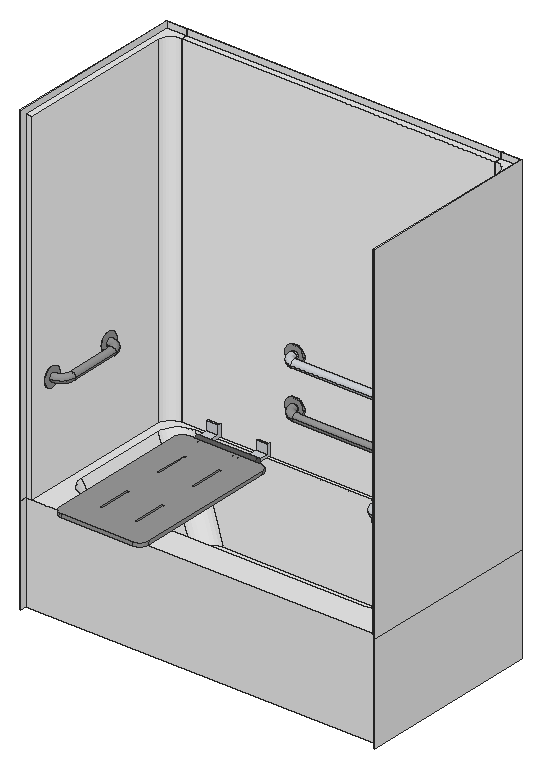
Revit family "4ETSF6030A165", category Plumbing Fixtures, Revit 2016
Family settings
  Part Type = Normal
  Round Connector Dimension = Use Diameter
  OmniClass Number = 23.45.05.14.17
  OmniClass Title = Showers
  Work Plane-Based = No
  Always vertical = Yes
  Cut with Voids When Loaded = No
  Shared = No
  Room Calculation Point = No
Parameters (values of type "4ETSF6030A165")
  Unit Width = 60"
  Unit Height = 75 1/2"
  Unit Depth = 31"
  URL = "http://www.best-bath.com"
  Type Comments = "ADA Compliant"
  Model = "4ETSF6030A165"
  Material [instance] = Best Bath Gelcoat Fiberglass - 8in Tile
  Manufacturer = "Best Bath Systems, Inc."
  Keynote = "22 40 00.D3"
  Description = "8\" Tile"
  Assembly Code = "D2010700"
Reference planes (in)
  plane 1 "Back": y = 0
  plane 2: z = 1.5
  plane 3 "Left": x = 0
  plane 4: x = 60
  plane 5: y = -30
  plane 6: z = 76
  plane 7: z = 77
  plane 8: z = 18
  plane 9: y = -14.5
  plane 10: y = -1.25
  plane 11: x = 10
  plane 12: x = 55.75
  plane 13: y = -4.375
  plane 14: y = -22.5
  plane 15: y = -1.875
  plane 16: y = -25
  plane 17: x = 2.75
  plane 18: x = 57
  plane 19: x = 1.25
  plane 20: x = 58.75
  plane 21: y = -29
  plane 22: x = 52
  plane 23: y = -31
  plane 24: z = 35
  plane 25: z = 27
  plane 26: z = 40
Forms (in)
  Extrusion 1, solid, material "Best Bath Gelcoat Fiberglass - Smooth"
    sketch origin (0, 0, 1.5) x (1, 0, 0) y (0, 1, 0)
      loop
        line (60, -30) -> (60, 0) -> (56.5, 0) -> (56.5, -1.25)
        arc (56.5, -1.25) -> (58.09099, -1.90901) -> (58.75, -3.5) r 2.25
        line (58.75, -3.5) -> (58.75, -30) -> (60, -30)
      loop
        line (0, 0) -> (0, -30) -> (1.25, -30) -> (1.25, -3.5)
        arc (1.25, -3.5) -> (1.90901, -1.90901) -> (3.5, -1.25) r 2.25
        line (3.5, -1.25) -> (3.5, 0) -> (0, 0)
    from 16.5 to 74.5
  Extrusion 2, solid, material "Best Bath Gelcoat Fiberglass - Smooth"
    sketch origin (0, 0, 1.5) x (1, 0, 0) y (0, 1, 0)
      loop
        line (0, -30) -> (60, -30) -> (60, 0) -> (0, 0) -> (0, -30)
      loop
        circle (52, -14.5) r 1.5
    from 0 to 16.5
  Blend 3, void
    base sketch origin (0, 0, 1.5) x (1, 0, 0) y (0, 1, 0)
      loop
        arc (13, -4.375) -> (10.87868, -5.25368) -> (10, -7.375) r 3
        line (10, -7.375) -> (10, -19.5)
        arc (10, -19.5) -> (10.87868, -21.62132) -> (13, -22.5) r 3
        line (13, -22.5) -> (52.75, -22.5)
        arc (52.75, -22.5) -> (54.87132, -21.62132) -> (55.75, -19.5) r 3
        line (55.75, -19.5) -> (55.75, -7.375)
        arc (55.75, -7.375) -> (54.87132, -5.25368) -> (52.75, -4.375) r 3
        line (52.75, -4.375) -> (13, -4.375)
    top sketch origin (0, 0, 1.5) x (1, 0, 0) y (0, 1, 0)
      loop
        arc (6.25, -1.875) -> (3.77513, -2.90013) -> (2.75, -5.375) r 3.5
        line (2.75, -5.375) -> (2.75, -21.5)
        arc (2.75, -21.5) -> (3.77513, -23.97487) -> (6.25, -25) r 3.5
        line (6.25, -25) -> (53.5, -25)
        arc (53.5, -25) -> (55.97487, -23.97487) -> (57, -21.5) r 3.5
        line (57, -21.5) -> (57, -5.375)
        arc (57, -5.375) -> (55.97487, -2.90013) -> (53.5, -1.875) r 3.5
        line (53.5, -1.875) -> (6.25, -1.875)
    from 2.23617 to 16.5
  Extrusion 4, solid, material "Best Bath Gelcoat Fiberglass - Smooth"
    sketch origin (0, 0, 1.5) x (1, 0, 0) y (0, 1, 0)
      loop
        line (0, -31) -> (0.125, -31) -> (0.125, -0.125) -> (3.5, -0.125) -> (3.5, 0) -> (0, 0) -> (0, -31)
      loop
        line (60, -31) -> (60, 0) -> (56.50223, 0) -> (56.50223, -0.125) -> (59.875, -0.125) -> (59.875, -31) -> (60, -31)
    from 0 to 16.5
  Extrusion 5, solid, material "Best Bath Gelcoat Fiberglass - Smooth"
    sketch origin (0, 0, 1.5) x (1, 0, 0) y (0, 1, 0)
      loop
        line (3.5, -1.25) -> (56.50223, -1.25) -> (56.50223, 0) -> (3.5, 0) -> (3.5, -1.25)
    from 16.5 to 74.5
  Extrusion 6, solid, material "Best Bath Gelcoat Fiberglass - Smooth"
    sketch origin (0, 0, 1.5) x (1, 0, 0) y (0, 1, 0)
      loop
        line (3.5, -0.125) -> (56.50223, -0.125) -> (56.50223, 0) -> (3.5, 0) -> (3.5, -0.125)
    from 74.5 to 75.5
  Extrusion 7, solid, material "Best Bath Gelcoat Fiberglass - Smooth"
    sketch origin (0, 0, 1.5) x (1, 0, 0) y (0, 1, 0)
      loop
        line (0, -31) -> (0.125, -31) -> (0.125, -0.125) -> (3.5, -0.125) -> (3.5, 0) -> (0, 0) -> (0, -31)
      loop
        line (60.00223, -31) -> (60.00223, 0) -> (56.50223, 0) -> (56.50223, -0.125) -> (59.87723, -0.125) -> (59.87723, -31) -> (60.00223, -31)
    from 16.5 to 75.5
Cuts and joins
  Blend 3 cuts Extrusion 2
  joined: Extrusion 2, Extrusion 4
  joined: Extrusion 5, Extrusion 6
  joined: Extrusion 1, Extrusion 7
Lines and regions (in)
  Split face 1
    outline origin (0, -30, 18) x (0, 0, -1) y (1, 0, 0)
      loop
        line (12.46365, 1.5) -> (12.5, 1.5) -> (12.5, 58.5) -> (12.46365, 58.5) -> (12.46365, 1.5)
Dimensions and locks (in)
  "Unit Width": plane 3 "Left" to plane 4
  locked: plane 7 to plane 6 at 1
  "Unit Height": plane 7 to level
  plane 9 to plane 1 "Back" = 14 1/2"
  locked: plane 12 to plane 4 at 4.25
  locked: plane 14 to plane 5 at 7.5
  plane 3 "Left" to plane 11 = 10"
  locked: plane 18 to plane 4 at 3
  locked: plane 3 "Left" to plane 17 at 2.75
  locked: plane 8 to level at 16.5
  locked: plane 10 to plane 1 "Back" at 1.25
  locked: plane 3 "Left" to plane 19 at 1.25
  locked: plane 20 to plane 4 at 1.25
  locked: plane 21 to plane 5 at 1
  locked: plane 22 to plane 4 at 8
  locked: plane 5 to plane 23 at 1
  "Unit Depth": plane 23 to plane 1 "Back"
  plane 15 to plane 1 "Back" = 1 7/8"
  plane 16 to plane 5 = 5"
  locked: plane 13 to plane 1 "Back" at 4.375
  locked: plane 24 to plane 8 at 17
  locked: plane 25 to plane 8 at 9
  locked: plane 26 to plane 8 at 22
  radius of Blend 3 sketch curve = 3"  (x4)
  radius of Blend 3 sketch curve = 3 1/2"  (x4)
  aligned and locked: level to plane 2
  aligned and locked: plane 6 to Extrusion 1
  aligned and locked: Extrusion 1 sketch curve to plane 4
  aligned and locked: plane 5 to Extrusion 1 sketch curve
  aligned and locked: Extrusion 2 sketch curve to Extrusion 1  (x3)
  aligned and locked: Extrusion 2 sketch curve to plane 1 "Back"
  aligned and locked: plane 9 to Extrusion 2 sketch curve
  aligned and locked: plane 14 to Blend 3 sketch curve
  aligned and locked: Blend 3 sketch curve to plane 13
  aligned and locked: Blend 3 sketch curve to plane 12
  aligned and locked: plane 11 to Blend 3 sketch curve
  aligned and locked: plane 17 to Blend 3 sketch curve
  aligned and locked: Blend 3 sketch curve to plane 18
  aligned and locked: plane 16 to Blend 3 sketch curve
  aligned and locked: Blend 3 sketch curve to plane 15
  aligned and locked: plane 8 to cut or joined group of Extrusion 2, Blend 3, Extrusion 4
  aligned and locked: Extrusion 1 sketch curve to plane 19
  aligned and locked: plane 8 to Blend 3
  aligned and locked: plane 22 to Extrusion 2 sketch curve
  aligned and locked: Extrusion 5 to plane 8
  aligned and locked: plane 6 to Extrusion 5
  aligned and locked: Extrusion 6 to plane 6
  aligned and locked: plane 7 to Extrusion 6
  aligned and locked: plane 8 to Extrusion 4
  aligned and locked: Extrusion 1 to plane 8
  aligned and locked: Extrusion 7 to Extrusion 1
  aligned and locked: plane 7 to Extrusion 7
Automatic sketch dimensions
  Split face 1 sketch curve to Split face 1 sketch curve = 0.03635"
  Split face 1 sketch curve to cut or joined group of Extrusion 2, Blend 3, Extrusion 4 = 4.03635"
  plane 1 "Back" to Extrusion 1 sketch curve = 0"  (x2)
  Extrusion 1 sketch curve to plane 3 "Left" = 0"
  Extrusion 1 sketch curve to plane 10 = 0"  (x2)
  Extrusion 1 sketch curve to plane 20 = 0"
  Extrusion 1 sketch curve to plane 5 = 0"
  Extrusion 1 sketch curve to Extrusion 1 sketch curve = 2 1/4"
  plane 1 "Back" to Extrusion 5 sketch curve = 0"
  Extrusion 5 sketch curve to plane 10 = 0"
  plane 3 "Left" to Extrusion 5 sketch curve = 3 1/2"
  Extrusion 4 sketch curve to plane 3 "Left" = 0"
  Extrusion 4 sketch curve to plane 23 = 0"  (x2)
  plane 1 "Back" to Extrusion 4 sketch curve = 0"  (x2)
  Extrusion 4 sketch curve to plane 4 = 0"
  plane 3 "Left" to Extrusion 4 sketch curve = 1/8"
  plane 1 "Back" to Extrusion 4 sketch curve = 1/8"
  Extrusion 4 sketch curve to Extrusion 4 sketch curve = 3 3/8"
  plane 4 to Extrusion 4 sketch curve = 1/8"
  Extrusion 4 sketch curve to Extrusion 4 sketch curve = 1/8"
  plane 1 "Back" to Extrusion 6 sketch curve = 0"
  plane 3 "Left" to Extrusion 6 sketch curve = 3 1/2"
  plane 1 "Back" to Extrusion 6 sketch curve = 1/8"
  cut or joined group of Extrusion 2, Blend 3, Extrusion 4 to Split face 1 sketch curve = 1 3/8"  (x2)
  Extrusion 7 sketch curve to plane 3 "Left" = 0"
  Extrusion 7 sketch curve to plane 23 = 0"  (x2)
  plane 1 "Back" to Extrusion 7 sketch curve = 0"  (x2)
  plane 3 "Left" to Extrusion 7 sketch curve = 1/8"
  plane 1 "Back" to Extrusion 7 sketch curve = 1/8"  (x2)
  Extrusion 7 sketch curve to Extrusion 7 sketch curve = 3 3/8"  (x2)
  plane 4 to Extrusion 7 sketch curve = 0.12277"
  Extrusion 7 sketch curve to plane 4 = 0.00223"
  Extrusion 1 sketch curve to plane 10 = 2 1/4"
  Extrusion 4 sketch curve to Extrusion 4 sketch curve = 3.37277"
  plane 4 to Extrusion 5 sketch curve = 3.49777"
  plane 4 to Extrusion 6 sketch curve = 3.49777"
  radius of Extrusion 2 sketch curve = 1 1/2"
Nested families (in)
  nested 1: "ADA Shower Seat" at (23, -17.75, -0.125) x (0, -1, 0) z (0, 0, 1), type "SE3015PHSO"
  nested 2: "Grab Bar - horiz" at (1.25, -26, 0.375) x (0, 1, 0) z (0, 0, 1), type "12" x 1.25""
  nested 3: "Grab Bar - horiz" at (22.75, -1.25, -7.625), type "24" x 1.25""
    with Grab Bar Size 24"
  nested 4: "Grab Bar - L shape" at (58.75, -1.25, -1.97512) x (-1, 0, 0) z (0, 0, 1), type "27" x 36" x 1.25""
  nested 5: "Grab Bar - vertical" at (58.75, -26, 0.375) x (0, -1, 0) z (0, 0, 1), type "18" x 1.25""
Definition of nested family "ADA Shower Seat"
  Parameters
    URL = "http://seachrome.com/"
    Seat Width = 27"
    Seat Height = 18"
    Seat Depth = 15"
    Model = "SE3015PHSO"
    Manufacturer = "Seachrome"
    Keynote = "22 40 00.B7"
    Description = "32\" x 16\" fold down seat with swing-down legs, phenolic"
    Assembly Code = "C1030200"
  Reference planes (in)
    plane 1 "Center (Front/Back)": y = 0
    plane 2: z = 0
    plane 3 "Center (Left/Right)": x = 0
    plane 4: x = 13.5
    plane 5: x = -13.5
    plane 6: y = -2.25
    plane 7: y = -17.25
    plane 8: z = 18.125
    plane 9: z = 18.625
    plane 10: y = -9.75
    plane 11: x = 12.5
    plane 12: x = -12.5
    plane 13: z = 3.125
    plane 14: x = -8.75
    plane 15: x = 8.75
    plane 16: z = 14.875
    plane 17: y = -14.875
    plane 18: y = -4.625
    plane 19: z = 0.625
    plane 20: x = -3.25
    plane 21: x = 3.25
  Forms (in)
    Extrusion 1, solid
      sketch origin (0, 0, 0) x (1, 0, 0) y (0, 1, 0)
        loop
          line (12, -2.25) -> (-12, -2.25)
          arc (-12, -2.25) -> (-13.06066, -2.68934) -> (-13.5, -3.75) r 1.5
          line (-13.5, -3.75) -> (-13.5, -15.75)
          arc (-13.5, -15.75) -> (-13.06066, -16.81066) -> (-12, -17.25) r 1.5
          line (-12, -17.25) -> (12, -17.25)
          arc (12, -17.25) -> (13.06066, -16.81066) -> (13.5, -15.75) r 1.5
          line (13.5, -15.75) -> (13.5, -3.75)
          arc (13.5, -3.75) -> (13.06066, -2.68934) -> (12, -2.25) r 1.5
        loop
          line (3.25, -12.5968) -> (3.25, -12.92762) -> (8.75, -12.92762) -> (8.75, -12.5968) -> (3.25, -12.5968)
        loop
          line (-3.25, -12.5968) -> (-8.75, -12.5968) -> (-8.75, -12.92762) -> (-3.25, -12.92762) -> (-3.25, -12.5968)
        loop
          line (3.25, -6.93984) -> (8.75, -6.93984) -> (8.75, -6.60902) -> (3.25, -6.60902) -> (3.25, -6.93984)
        loop
          line (-3.25, -6.93984) -> (-3.25, -6.60902) -> (-8.75, -6.60902) -> (-8.75, -6.93984) -> (-3.25, -6.93984)
      from 18.125 to 18.625
    Extrusion 2, solid
      sketch origin (0, 0, 0) x (1, 0, 0) y (0, 0, 1)
        loop
          circle (-14.05099, 18.375) r 0.5
      from 4.625 to 14.875
    Extrusion 3, solid
      sketch origin (0, 0, 0) x (1, 0, 0) y (0, 0, 1)
        loop
          line (-14.55262, 18.125) -> (-14.55262, 18.625) -> (-16.05262, 18.625) -> (-16.05262, 20.125) -> (-16.55262, 20.125) -> (-16.55262, 18.125) -> (-14.55262, 18.125)
      from 4.625 to 14.875
    Extrusion 4, void
      sketch origin (0, 0, 0) x (1, 0, 0) y (0, 0, 1)
        loop
          line (-18.81546, 20.96567) -> (-18.81546, 16.96567) -> (-14.55262, 16.96567) -> (-14.55262, 20.96567) -> (-18.81546, 20.96567)
      from 6.48402 to 12.92762
  Cuts and joins
    Extrusion 4 cuts Extrusion 3
  Dimensions and locks (in)
    equal spacing: plane 5, plane 3 "Center (Left/Right)", plane 4
    "Seat Width": plane 5 to plane 4
    "Seat Depth": plane 7 to plane 6
    plane 6 to plane 1 "Center (Front/Back)" = 2 1/4"
    locked: plane 9 to plane 8 at 0.5
    equal spacing: plane 7, plane 10, plane 6
    equal spacing: plane 11, plane 3 "Center (Left/Right)", plane 12
    equal spacing: plane 14, plane 3 "Center (Left/Right)", plane 15
    locked: plane 19 to level at 0.625
    "Seat Height": plane 9 to plane 19
    plane 18 to plane 17 = 10 1/4"
    equal spacing: plane 18, plane 10, plane 17
    plane 14 to plane 20 = 5 1/2"
    plane 21 to plane 15 = 5 1/2"
    aligned and locked: plane 2 to level
    aligned and locked: Extrusion 1 sketch curve to plane 6
    aligned and locked: plane 4 to Extrusion 1 sketch curve
    aligned and locked: plane 9 to Extrusion 1
    aligned and locked: Extrusion 1 to plane 8
    aligned and locked: Extrusion 2 to plane 17
    aligned and locked: plane 18 to Extrusion 2
    aligned and locked: Extrusion 1 sketch curve to plane 14
    aligned and locked: plane 14 to Extrusion 1 sketch curve
    aligned and locked: Extrusion 1 sketch curve to plane 15
    aligned and locked: Extrusion 1 sketch curve to plane 20
    aligned and locked: plane 20 to Extrusion 1 sketch curve
    aligned and locked: Extrusion 1 sketch curve to plane 21
    aligned and locked: plane 21 to Extrusion 1 sketch curve
    aligned and locked: Extrusion 3 to Extrusion 2
    aligned and locked: Extrusion 2 to Extrusion 3
  Automatic sketch dimensions
    plane 8 to Extrusion 2 sketch curve = 1/4"
    Extrusion 2 sketch curve to plane 5 = 0.55099"
    Extrusion 3 sketch curve to plane 8 = 0"
    Extrusion 3 sketch curve to plane 9 = 0"
    Extrusion 3 sketch curve to plane 5 = 2.55262"
    Extrusion 3 sketch curve to plane 5 = 1.05262"
    Extrusion 3 sketch curve to Extrusion 3 sketch curve = 1 1/2"
    Extrusion 3 sketch curve to Extrusion 3 sketch curve = 1/2"
    Extrusion 4 sketch curve to plane 8 = 1.15933"
    Extrusion 4 sketch curve to plane 5 = 5.31546"
    Extrusion 4 sketch curve to plane 5 = 1.05262"
    plane 9 to Extrusion 4 sketch curve = 2.34067"
    Extrusion 1 sketch curve to plane 5 = 0"
    plane 7 to Extrusion 1 sketch curve = 0"
    Extrusion 1 sketch curve to plane 15 = 0"
    plane 12 to Extrusion 1 sketch curve = 1/2"  (x2)
    Extrusion 1 sketch curve to plane 11 = 1/2"  (x2)
    Extrusion 1 sketch curve to Extrusion 1 sketch curve = 0.33082"  (x4)
    Extrusion 1 sketch curve to plane 18 = 2.31484"  (x2)
    plane 17 to Extrusion 1 sketch curve = 1.94738"  (x2)
    radius of Extrusion 2 sketch curve = 1/2"
Definition of nested family "Grab Bar - horiz"
  Parameters
    Grab Bar Size = 12"
    URL = "http://seachrome.com/"
    Threshold Height = 5/8"
    Mounting Height = 34"
    Model = "GB12QSS"
    Manufacturer = "Seachrome Corp."
    Keynote = "10 28 00.C1"
    Description = "18\" x 1.25\" grab bar"
    Assembly Code = "C1030200"
  Reference planes (in)
    plane 1 "Center (Front/Back)": y = 0
    plane 2: z = 0
    plane 3 "Center (Left/Right)": x = 0
    plane 4: z = 34.625
    plane 5: z = 0.625
    plane 6: x = 12
  Forms (in)
    Extrusion 1, solid
      sketch origin (0, 0, 0) x (1, 0, 0) y (0, 0, 1)
        loop
          circle (0, 34.625) r 1.5625
        loop
          circle (12, 34.625) r 1.5625
      from 0 to 0.25
    Sweep 2, solid
      path origin (0, 0, 0) x (1, 0, 0) y (0, 1, 0)
        loop
          line (0, -0.25) -> (0, -0.375)
          arc (0, -0.375) -> (0.51256, -1.61244) -> (1.75, -2.125) r 1.75
          line (1.75, -2.125) -> (10.25, -2.125)
          arc (10.25, -2.125) -> (11.48744, -1.61244) -> (12, -0.375) r 1.75
          line (12, -0.375) -> (12, -0.25)
      profile origin (6, -2.125, 0) x (0, 1, 0) y (0, 0, 1)
        loop
          circle (0, 34.625) r 0.625
  Dimensions and locks (in)
    "Threshold Height": plane 5 to level
    "Mounting Height": plane 4 to plane 5
    "Grab Bar Size": plane 6 to plane 3 "Center (Left/Right)"
    Sweep 2 sketch curve to plane 1 "Center (Front/Back)" = 2 1/8"
    aligned and locked: level to plane 2
  Automatic sketch dimensions
    Extrusion 1 sketch curve to plane 3 "Center (Left/Right)" = 0"
    Extrusion 1 sketch curve to plane 4 = 0"  (x2)
    Extrusion 1 sketch curve to plane 6 = 0"
    Sweep 2 sketch curve to plane 3 "Center (Left/Right)" = 0"
    plane 1 "Center (Front/Back)" to Sweep 2 sketch curve = 3/8"
    Sweep 2 sketch curve to plane 6 = 0"
    Sweep 2 sketch curve to plane 6 = 1 3/4"
    Sweep 2 sketch curve to Sweep 2 sketch curve = 1/8"  (x2)
    Sweep 2 sketch curve to profile plane = 0"
    level to Sweep 2 sketch curve = 34 5/8"
    radius of Extrusion 1 sketch curve = 1 9/16"  (x2)
    radius of Sweep 2 sketch curve = 5/8"
Definition of nested family "Grab Bar - L shape"
  Parameters
    Single Anchor Bar Length = 27"
    Mounting Height = 39"
    URL = "http://seachrome.com/"
    Threshold Height = 2.02488"
    Model = "GB2736QSSW"
    Manufacturer = "Seachrome Corp."
    Keynote = "10 28 00.C1"
    Double Anchor Bar Length = 36"
    Description = "18\" x 33\" x 1.25\" L Grab Bar"
    Assembly Code = "C1030200"
  Reference planes (in)
    plane 1 "Center (Front/Back)": y = 0
    plane 2: z = 0
    plane 3 "Center (Left/Right)": x = 0
    plane 4: z = 36.97512
    plane 5: z = -2.02488
    plane 6: y = -2.125
    plane 7: x = 2.125
    plane 8: x = 6
    plane 9: x = 36
    plane 10: y = -27
  Forms (in)
    Extrusion 1, solid
      sketch origin (0, 0, 0) x (1, 0, 0) y (0, 0, 1)
        loop
          circle (6, 36.97512) r 1.5625
        loop
          circle (36, 36.97512) r 1.5625
      from 0 to 0.25
    Extrusion 2, solid
      sketch origin (0, 0, 0) x (0, 1, 0) y (0, 0, 1)
        loop
          circle (-27, 36.97512) r 1.5
      from 0 to 0.25
    Sweep 3, solid
      path origin (0, 0, 0) x (1, 0, 0) y (0, 1, 0)
        loop
          line (0.25, -27) -> (0.625, -27)
          arc (0.625, -27) -> (1.68566, -26.56066) -> (2.125, -25.5) r 1.5
          line (2.125, -25.5) -> (2.125, -3.625)
          arc (2.125, -3.625) -> (2.56434, -2.56434) -> (3.625, -2.125) r 1.5
          line (3.625, -2.125) -> (34.5, -2.125)
          arc (34.5, -2.125) -> (35.56066, -1.68566) -> (36, -0.625) r 1.5
          line (36, -0.625) -> (36, -0.25)
      profile origin (0.4375, -27, 0) x (0, 1, 0) y (0, 0, 1)
        loop
          circle (0, 36.98831) r 0.625
    Sweep 4, solid
      path origin (0, 0, 0) x (1, 0, 0) y (0, 1, 0)
        loop
          line (6, -0.25) -> (6, -2.125)
      profile origin (6, -1.1875, 0) x (1, 0, 0) y (0, 0, 1)
        loop
          circle (0, 36.98831) r 0.62
  Dimensions and locks (in)
    "Threshold Height": level to plane 5
    "Mounting Height": plane 4 to plane 5
    locked: plane 3 "Center (Left/Right)" to plane 7 at 2.125
    locked: plane 3 "Center (Left/Right)" to plane 8 at 6
    locked: plane 6 to plane 1 "Center (Front/Back)" at 2.125
    "Double Anchor Bar Length": plane 3 "Center (Left/Right)" to plane 9
    "Single Anchor Bar Length": plane 10 to plane 1 "Center (Front/Back)"
    plane 4 to plane 5 = 39"
    level to plane 5 = 2.02488"
    aligned and locked: level to plane 2
    aligned and locked: plane 8 to Extrusion 1 sketch curve
    aligned and locked: plane 4 to Extrusion 1 sketch curve
    aligned and locked: plane 9 to Extrusion 1 sketch curve
    aligned and locked: plane 10 to Extrusion 2 sketch curve
    aligned and locked: plane 4 to Extrusion 2 sketch curve
  Automatic sketch dimensions
    Extrusion 1 sketch curve to plane 4 = 0"
    Sweep 3 sketch curve to plane 10 = 0"
    Sweep 3 sketch curve to plane 7 = 0"
    Sweep 3 sketch curve to plane 6 = 0"
    Sweep 3 sketch curve to plane 9 = 0"
    plane 3 "Center (Left/Right)" to Sweep 3 sketch curve = 5/8"
    Sweep 3 sketch curve to plane 6 = 1 1/2"
    plane 1 "Center (Front/Back)" to Sweep 3 sketch curve = 5/8"
    plane 3 "Center (Left/Right)" to Sweep 3 sketch curve = 1/4"
    plane 1 "Center (Front/Back)" to Sweep 3 sketch curve = 1/4"
    Sweep 3 sketch curve to profile plane = 0"
    level to Sweep 3 sketch curve = 36.98831"
    Sweep 4 sketch curve to plane 6 = 0"
    Sweep 4 sketch curve to plane 8 = 0"
    plane 1 "Center (Front/Back)" to Sweep 4 sketch curve = 1/4"
    profile plane to Sweep 4 sketch curve = 0"
    level to Sweep 4 sketch curve = 36.98831"
    radius of Extrusion 1 sketch curve = 1 9/16"  (x2)
    radius of Extrusion 2 sketch curve = 1 1/2"
    radius of Sweep 3 sketch curve = 5/8"
    radius of Sweep 4 sketch curve = 0.62"
Definition of nested family "Grab Bar - vertical"
  Parameters
    Wall Clearance = 2 1/8"
    Mounting Height = 39"
    Grab Bar Size = 18"
    URL = "http://seachrome.com/"
    Threshold Height = 5/8"
    Model = "GB18QSS"
    Manufacturer = "Seachrome Corp."
    Keynote = "10 28 00.C1"
    Description = "18\" x 1.25\" grab bar"
    Assembly Code = "C1030200"
  Reference planes (in)
    plane 1 "Center (Front/Back)": y = 0
    plane 2: z = 0
    plane 3 "Center (Left/Right)": x = 0
    plane 4: z = 39.625
    plane 5: z = 57.625
    plane 6: z = 0.625
  Forms (in)
    Sweep 1, solid
      path origin (0, 0, 0) x (0, 1, 0) y (0, 0, 1)
        loop
          line (-0.25, 39.625) -> (-0.375, 39.625)
          arc (-0.375, 39.625) -> (-1.61244, 40.13756) -> (-2.125, 41.375) r 1.75
          line (-2.125, 41.375) -> (-2.125, 55.875)
          arc (-2.125, 55.875) -> (-1.61244, 57.11244) -> (-0.375, 57.625) r 1.75
          line (-0.375, 57.625) -> (-0.25, 57.625)
      profile origin (0, -0.3125, 39.625) x (0, 0, -1) y (1, 0, 0)
        loop
          circle (0, 0) r 0.625
    Extrusion 2, solid
      sketch origin (0, 0, 0) x (1, 0, 0) y (0, 0, 1)
        loop
          circle (0, 39.625) r 1.5625
        loop
          circle (0, 57.625) r 1.5625
      from 0 to 0.25
  Dimensions and locks (in)
    "Grab Bar Size": plane 5 to plane 4
    Extrusion 2 to Sweep 1 sketch curve = 1 7/8"
    "Threshold Height": plane 6 to level
    "Mounting Height": plane 4 to plane 6
    aligned and locked: level to plane 2
    aligned and locked: plane 5 to Sweep 1 sketch curve
    aligned and locked: Sweep 1 sketch curve to plane 4
  Automatic sketch dimensions
    Sweep 1 sketch curve to plane 3 "Center (Left/Right)" = 0"
    Sweep 1 sketch curve to profile plane = 0"
    Extrusion 2 sketch curve to plane 3 "Center (Left/Right)" = 0"  (x2)
    Extrusion 2 sketch curve to plane 4 = 0"
    Extrusion 2 sketch curve to plane 5 = 0"
    Sweep 1 sketch curve to plane 5 = 1 3/4"
    plane 1 "Center (Front/Back)" to Sweep 1 sketch curve = 1/4"
    Sweep 1 sketch curve to Sweep 1 sketch curve = 1/8"
    Sweep 1 sketch curve to plane 5 = 0"
    plane 4 to Sweep 1 sketch curve = 1 3/4"
    radius of Sweep 1 sketch curve = 5/8"
    radius of Extrusion 2 sketch curve = 1 9/16"  (x2)
